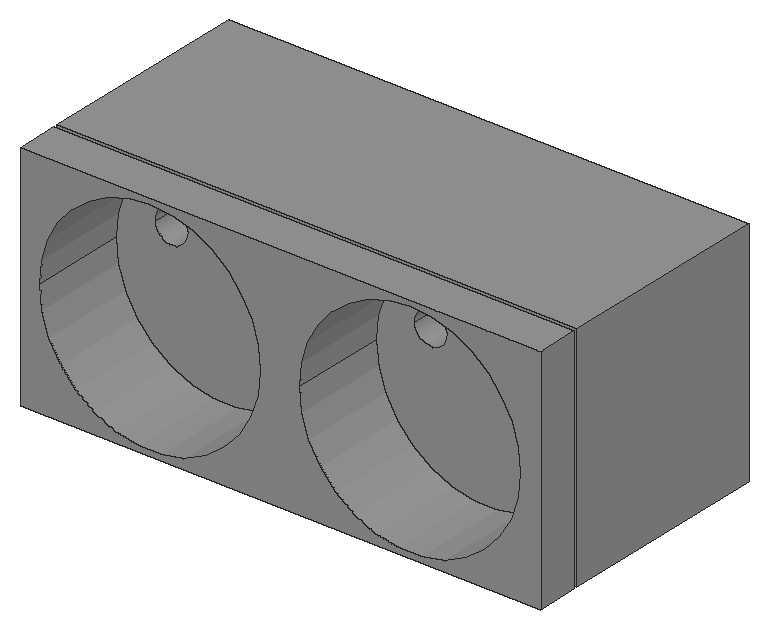
Revit family "steckdose.pdf", category Generic Models, Revit 2017
Family settings
  Can host rebar = No
  Round Connector Dimension = Use Diameter
  Part Type = Normal
  Work Plane-Based = No
  Always vertical = Yes
  Cut with Voids When Loaded = No
  Shared = No
  Room Calculation Point = No
Parameters (values of type "STD-D3C AL2")
  Width = 45 mm
  URL = "http://www.obo-bettermann.com"
  Material = Polycarbonat
  Manufacturer Art.No. = "6120492"
  Manufacturer = "OBO BETTERMANN"
  Height = 40 mm
  GTIN = "4012196050635"
  Article Type = "STD-D3C AL2"
Types (7, lengths in mm): name | Manufacturer Art.No. | GTIN | Article Type
  (no name) | "6120492" | "4012196050635" | "STD-D3C AL2"
  STD-D3C RW2 | "6120482" | "4012196050550" | "STD-D3C RW2"
  STD-D3C ROR2 | "6120484" | "4012196050567" | "STD-D3C ROR2"
  STD-D3C MZGN2 | "6120486" | "4012196050581" | "STD-D3C MZGN2"
  STD-D3C SRO2 | "6120488" | "4012196050611" | "STD-D3C SRO2"
  STD-D3C SWGR2 | "6120490" | "4012196050628" | "STD-D3C SWGR2"
  STD-D3C AL2 | "6120492" | "4012196050635" | "STD-D3C AL2"
Reference planes
  plane 1 "Center (Front/Back)": y = 0
  plane 2: z = 0
  plane 3 "Center (Left/Right)": x = 0
  plane 4: z = 20
  plane 5: x = -22.537
  plane 6: x = 22.5
  plane 7: y = 24
  plane 8: y = 31.863
  plane 9: through (-13.241, -1524, 20) normal (0.5446, 0, 0.8387)
  plane 10: through (-13.241, -1524, 20) normal (-0.5446, 0, -0.8387)
  plane 11: through (-6.409, -1524, 15.563) normal (0.5446, 0, 0.8387)
  plane 12: through (-20.839, -1524, 24.934) normal (-0.5446, 0, -0.8387)
  plane 13: x = -22.741
  plane 14: x = -3.741
  plane 15: z = 25
  plane 16: z = 15
  plane 17: x = -32.037
  plane 18: x = -13.037
  plane 19: x = 13
  plane 20: x = 32
Forms (mm)
  Extrusion 1, solid, material "Polycarbonat" <- "Material"
    sketch origin (0, 0, 0) x (1, 0, 0) y (0, 1, 0)
      loop
        line (-45, 45) -> (-45, 0) -> (45, 0) -> (45, 45) -> (-45, 45)
    from 0 to 40
  Extrusion 2, void
    sketch origin (0, 0, 0) x (1, 0, 0) y (0, 0, 1)
      loop
        circle (-22.537, 20) r 19.15
      loop
        circle (22.5, 20) r 19.15
    from -16.524 to 0
  Extrusion 3, void
    sketch origin (9.296, 0, 0) x (1, 0, 0) y (0, 0, 1)
      loop
        circle (-41.288, 25.026) r 2.85
    from -16.524 to -31.863
  Extrusion 4, void
    sketch origin (-7.778, 0, 10.776) x (1, 0, 0) y (0, 0, 1)
      loop
        circle (-5.419, 4.629) r 2.85
    from -16.524 to -31.863
  Extrusion 5, void
    sketch origin (8.917, 0, -11.83) x (1, 0, 0) y (0, 0, 1)
      loop
        circle (3.957, 36.856) r 2.85
    from -16.524 to -31.863
  Extrusion 6, void
    sketch origin (-8.537, 0, 10.308) x (1, 0, 0) y (0, 0, 1)
      loop
        circle (40.521, 5.18) r 2.85
    from -16.524 to -31.863
  Extrusion 7, void
    sketch origin (0, -1.729, 0) x (0, 1, 0) y (0, 0, 1)
      loop
        line (8.911, 40) -> (8.911, 39.211) -> (9.712, 39.211) -> (9.712, 40) -> (8.911, 40)
    from 45 to -45
  Extrusion 8, void
    sketch origin (0, 0, 0) x (0, 1, 0) y (0, 0, 1)
      loop
        line (7.958, 40) -> (7.17, 40) -> (7.17, 0) -> (7.958, 0) -> (7.958, 40)
    from -44.438 to -45
  Extrusion 9, void
    sketch origin (0, 0, 0) x (0, 1, 0) y (0, 0, 1)
      loop
        line (7.176, 40) -> (7.176, 0) -> (7.958, 0) -> (7.958, 40) -> (7.176, 40)
    from 45 to 44.219
  Extrusion 10, void
    sketch origin (0, 0, 0) x (1, 0, 0) y (0, 1, 0)
      loop
        line (-45, 7.982) -> (-45, 7.182) -> (45, 7.182) -> (45, 7.982) -> (-45, 7.982)
    from 0.461 to 0
Cuts and joins
  Extrusion 2, Extrusion 3, Extrusion 4, Extrusion 5, Extrusion 6, Extrusion 7, Extrusion 8, Extrusion 9 cuts Extrusion 1
Dimensions and locks
  locked: Extrusion 1 sketch curve to Extrusion 1 sketch curve at 90
  locked: Extrusion 1 sketch curve to plane 3 "Center (Left/Right)" at 45
  locked: Extrusion 1 sketch curve to Extrusion 1 sketch curve at 45
  "Height": Extrusion 1 to Extrusion 1
  locked: Extrusion 1 to plane 4 at 20
  locked: Extrusion 1 to plane 5 at 22.463
  locked: Extrusion 1 to plane 6 at 22.5
  locked: cut or joined group 1 (Extrusion 1, Extrusion 2, Extrusion 3, Extrusion 4, Extrusion 5, Extrusion 6, Extrusion 7, Extrusion 8, Extrusion 9) to Extrusion 2 sketch curve at 3.313
  locked: cut or joined group 1 to Extrusion 2 sketch curve at 3.35
  locked: cut or joined group 1 to plane 7 at 24
  plane 1 "Center (Front/Back)" to plane 8 = 31.863 mm
  locked: plane 14 to plane 13 at 19
  plane 5 to plane 13 = 0.204 mm
  locked: plane 5 to plane 17 at 9.5
  locked: plane 18 to plane 5 at 9.5
  locked: plane 15 to plane 16 at 10
  locked: plane 4 to plane 16 at 5
  locked: plane 20 to plane 19 at 19
  locked: plane 6 to plane 19 at 9.5
  cut or joined group 1 to Extrusion 7 sketch curve = 7.182 mm
  Extrusion 7 sketch curve to Extrusion 7 sketch curve = 0.8 mm
  diameter of Extrusion 2 sketch curve = 38.3 mm  (x2)
  aligned and locked: level to plane 2
  aligned and locked: Extrusion 1 sketch curve to plane 1 "Center (Front/Back)"
  aligned and locked: plane 1 "Center (Front/Back)" to Extrusion 2
  aligned and locked: plane 8 to Extrusion 3
  aligned and locked: plane 8 to Extrusion 4
  aligned and locked: plane 8 to Extrusion 5
  aligned and locked: plane 8 to Extrusion 6
  aligned and locked: Extrusion 6 to Extrusion 2
  aligned and locked: Extrusion 5 to Extrusion 2
  aligned and locked: Extrusion 3 to Extrusion 2
  aligned and locked: Extrusion 4 to Extrusion 2
  aligned and locked: Extrusion 1 to Extrusion 8
  aligned and locked: Extrusion 8 to level
  aligned and locked: Extrusion 8 to Extrusion 1
  aligned and locked: Extrusion 9 to level
  aligned and locked: Extrusion 9 to Extrusion 1
  aligned and locked: Extrusion 1 to Extrusion 9
  aligned and locked: cut or joined group 1 to Extrusion 10  (x2)
  aligned and locked: Extrusion 10 to level
Automatic sketch dimensions
  Extrusion 2 sketch curve to plane 4 = 0 mm  (x2)
  Extrusion 3 sketch curve to plane 13 = 9.251 mm
  plane 4 to Extrusion 3 sketch curve = 5.026 mm
  Extrusion 4 sketch curve to plane 3 "Center (Left/Right)" = 13.197 mm
  level to Extrusion 4 sketch curve = 15.405 mm
  plane 3 "Center (Left/Right)" to Extrusion 5 sketch curve = 12.874 mm
  plane 15 to Extrusion 5 sketch curve = 0.025 mm
  Extrusion 6 sketch curve to plane 20 = 0.016 mm
  level to Extrusion 6 sketch curve = 15.488 mm
  plane 15 to Extrusion 7 sketch curve = 15 mm
  level to Extrusion 7 sketch curve = 39.211 mm
  Extrusion 8 sketch curve to level = 0 mm
  Extrusion 8 sketch curve to plane 1 "Center (Front/Back)" = 7.17 mm
  Extrusion 8 sketch curve to Extrusion 8 sketch curve = 0.788 mm
  plane 15 to Extrusion 8 sketch curve = 15 mm
  Extrusion 9 sketch curve to level = 0 mm
  Extrusion 9 sketch curve to plane 1 "Center (Front/Back)" = 7.176 mm
  Extrusion 9 sketch curve to Extrusion 9 sketch curve = 0.782 mm
  plane 15 to Extrusion 9 sketch curve = 15 mm
  Extrusion 10 sketch curve to plane 17 = 12.963 mm
  plane 20 to Extrusion 10 sketch curve = 13 mm
  Extrusion 10 sketch curve to plane 1 "Center (Front/Back)" = 7.182 mm
  Extrusion 10 sketch curve to Extrusion 10 sketch curve = 0.8 mm
  radius of Extrusion 3 sketch curve = 2.85 mm
  radius of Extrusion 4 sketch curve = 2.85 mm
  radius of Extrusion 5 sketch curve = 2.85 mm
  radius of Extrusion 6 sketch curve = 2.85 mm
